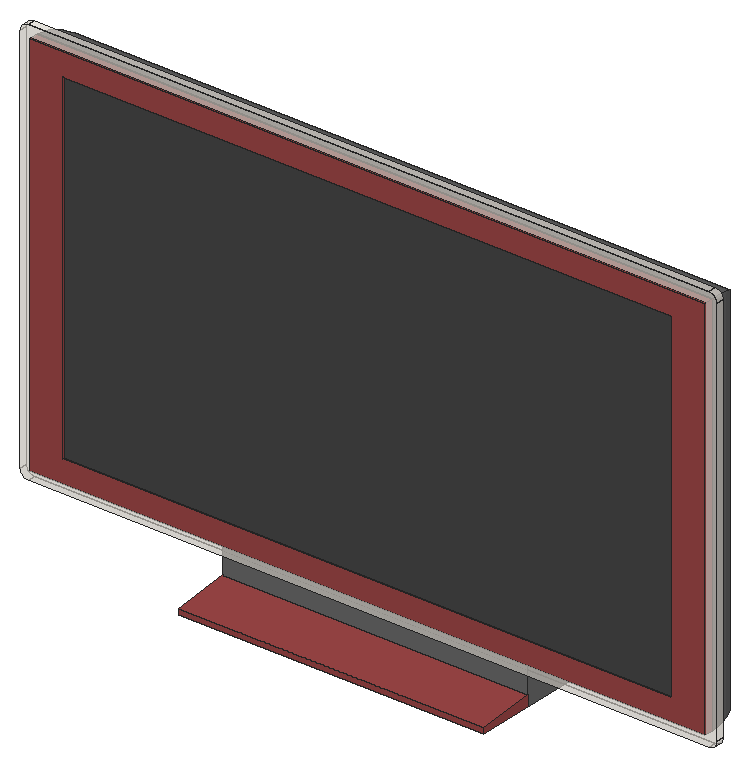
Revit family
Parameters (values of type "1270 mm")
  SinAng = (sin(29.36°) * 1 mm)  # 0.49 mm
  Pied [instance] = yes
  L = (Diagonale / 1 mm) * CosAng  # 1106.877 mm
  H = (Diagonale / 1 mm) * SinAng  # 622.675 mm
  Epaisseur = 110 mm
  Diagonale = 1270 mm
  CosAng = (cos(29.36°) * 1 mm)  # 0.872 mm
  Cadre = TV - Cadre
Types (6, lengths in mm): name | L | H | Diagonale
  (no name) | 1106.877 | 622.675 | 1270
  810 mm | 705.961 | 397.139 | 810
  940 mm | 819.263 | 460.878 | 940
  1070 mm | 932.565 | 524.616 | 1070
  1190 mm | 1037.152 | 583.452 | 1190
  1270 mm | 1106.877 | 622.675 | 1270
Reference planes
  plane 1 "Arrière": y = 58.539
  plane 2: z = 0
  plane 3 "Centre (gauche/droite)": x = -3.945
  plane 4: x = -557.383
  plane 5: x = 549.494
  plane 6: z = 120
  plane 7: z = 742.675
  plane 8: z = 431.338
  plane 9: y = -51.461
  plane 10: x = -280.664
  plane 11: x = 272.775
Forms (mm)
  Extrusion 1, solid, material "TV - Noir"
    sketch origin (0, 58.539, 0) x (1, 0, 0) y (0, 0, 1)
      loop
        line (-617.383, 782.675) -> (-617.383, 80) -> (609.494, 80) -> (609.494, 782.675) -> (-617.383, 782.675)
    from 0 to 110
  Sweep 2, void
    path in 3D
      loop
        line (609.494, -51.461, 80) -> (609.494, -51.461, 782.675) -> (-617.383, -51.461, 782.675) -> (-617.383, -51.461, 80)
    profile origin (-617.383, -51.461, 431.338) x (-1, 0, 0) y (0, -1, 0)
      loop
        arc (0, 0) -> (-32.218, -77.782) -> (-110, -110) r 110
        line (-110, -110) -> (0, -110) -> (0, 0)
  Extrusion 3, solid, material "TV - Verre"
    sketch origin (1583.302, -51.461, 1200) x (1, 0, 0) y (0, 0, 1)
      loop
        arc (-2205.685, -397.325) -> (-2216.291, -401.718) -> (-2220.685, -412.325) r 15
        line (-2220.685, -412.325) -> (-2220.685, -1125)
        arc (-2220.685, -1125) -> (-2216.291, -1135.607) -> (-2205.685, -1140) r 15
        line (-2205.685, -1140) -> (-968.808, -1140)
        arc (-968.808, -1140) -> (-958.201, -1135.607) -> (-953.808, -1125) r 15
        line (-953.808, -1125) -> (-953.808, -412.325)
        arc (-953.808, -412.325) -> (-958.201, -401.718) -> (-968.808, -397.325) r 15
        line (-968.808, -397.325) -> (-2205.685, -397.325)
      loop
        line (-2200.685, -417.325) -> (-2200.685, -1120) -> (-973.808, -1120) -> (-973.808, -417.325) -> (-2200.685, -417.325)
    from 0 to 15
  Extrusion 4, solid, material "TV - Cadre" <- "Cadre"
    sketch origin (1583.302, -51.461, 1200) x (1, 0, 0) y (0, 0, 1)
      loop
        line (-2200.685, -417.325) -> (-2200.685, -1120) -> (-973.808, -1120) -> (-973.808, -417.325) -> (-2200.685, -417.325)
    from 0 to 18
  Extrusion 5, void
    sketch origin (1583.302, -51.461, 1200) x (-1, 0, 0) y (0, 0, 1)
      loop
        line (1033.808, -457.325) -> (1033.808, -1080) -> (2140.685, -1080) -> (2140.685, -457.325) -> (1033.808, -457.325)
    from -15 to -30
  Extrusion 6, solid, material "TV - Noir", visible <- "Pied"
    sketch origin (-280.664, -1524, -186.653) x (0, 0, -1) y (0, -1, 0)
      loop
        line (-186.653, -1472.539) -> (-266.653, -1472.539) -> (-266.653, -1522.539) -> (-186.653, -1572.539) -> (-186.653, -1472.539)
    from 0 to -553.438
  Extrusion 7, solid, material "TV - Cadre", visible <- "Pied"
    sketch origin (-280.664, -1524, -186.653) x (0, 0, -1) y (0, -1, 0)
      loop
        line (-186.653, -1372.539) -> (-196.653, -1372.539) -> (-206.653, -1472.539) -> (-186.653, -1472.539) -> (-186.653, -1372.539)
    from 0 to -553.438
Cuts and joins
  Sweep 2, Extrusion 5 cuts Extrusion 1
  Extrusion 5 cuts Extrusion 3
  Extrusion 5 cuts Extrusion 4
Lines and regions (mm)
  sketch lines
    curve 1: line (-617.383, -51.461, 782.675) -> (-617.383, -51.461, 80)
    curve 2: line (609.494, -51.461, 782.675) -> (-617.383, -51.461, 782.675)
    curve 3: line (609.494, -51.461, 80) -> (609.494, -51.461, 782.675)
  model lines, detail levels medium+fine
    curve 4: line (-567.383, -69.461, 110) -> (-587.383, -69.461, 110)
    curve 5: line (-567.383, -69.461, 90) -> (-567.383, -69.461, 110)
    curve 6: line (-587.383, -69.461, 90) -> (-567.383, -69.461, 90)
    curve 7: line (-587.383, -69.461, 110) -> (-587.383, -69.461, 90)
Dimensions and locks
  equal spacing: plane 7, plane 8, plane 6
  "H": plane 7 to plane 6
  equal spacing: plane 5, plane 3 "Centre (gauche/droite)", plane 4
  "L": plane 5 to plane 4
  locked: plane 4 to Extrusion 1 sketch curve at 60
  locked: Extrusion 1 sketch curve to plane 5 at 60
  locked: Extrusion 1 sketch curve to plane 7 at 40
  locked: plane 6 to Extrusion 1 sketch curve at 40
  "Epaisseur": plane 9 to plane 1 "Arrière"
  locked: Extrusion 3 sketch curve to plane 7 at 60
  locked: plane 6 to Extrusion 3 sketch curve at 60
  locked: plane 4 to Extrusion 3 sketch curve at 80
  locked: Extrusion 3 sketch curve to plane 5 at 80
  locked: plane 4 to Extrusion 4 sketch curve at 60
  locked: Extrusion 4 sketch curve to plane 5 at 60
  locked: Extrusion 4 sketch curve to plane 7 at 40
  locked: plane 6 to Extrusion 4 sketch curve at 40
  locked: Extrusion 3 sketch curve to plane 7 at 40
  locked: plane 6 to Extrusion 3 sketch curve at 40
  locked: plane 4 to Extrusion 3 sketch curve at 60
  locked: Extrusion 3 sketch curve to plane 5 at 60
  equal spacing: plane 3 "Centre (gauche/droite)", plane 10, plane 4
  equal spacing: plane 5, plane 11, plane 3 "Centre (gauche/droite)"
  locked: Extrusion 6 sketch curve to plane 6 at 40
  locked: plane 9 to Extrusion 6 sketch curve at 100
  locked: Extrusion 7 sketch curve to plane 2 at 10
  locked: Extrusion 7 sketch curve to plane 2 at 20
  "Epaisseur": radius of Sweep 2 sketch curve
  aligned and locked: plane 9 to Extrusion 1
  aligned and locked: profile plane to Sweep 2 sketch curve
  aligned and locked: Sweep 2 sketch curve to plane 1 "Arrière"
  aligned and locked: Extrusion 5 sketch curve to plane 5
  aligned and locked: Extrusion 5 sketch curve to plane 7
  aligned and locked: plane 4 to Extrusion 5 sketch curve
  aligned and locked: Extrusion 5 sketch curve to plane 6
  aligned and locked: Extrusion 6 sketch curve to plane 9
  aligned and locked: plane 2 to Extrusion 6 sketch curve
  aligned and locked: Extrusion 6 to plane 11
  aligned and locked: Extrusion 7 to plane 11
  aligned and locked: Extrusion 7 sketch curve to plane 2
Automatic sketch dimensions
  Sweep 2 sketch curve to profile plane = 0 mm  (x3)
  Sweep 2 sketch curve to Sweep 2 sketch curve = 0 mm
  Extrusion 3 sketch curve to Extrusion 3 sketch curve = 15 mm  (x4)
  curve 6 to curve 6 = 20 mm
  curve 6 to Extrusion 4 = 10 mm
  curve 5 to curve 5 = 20 mm
  curve 4 to Extrusion 4 = 30 mm
  plane 1 "Arrière" to Extrusion 6 sketch curve = 60 mm
  Extrusion 7 sketch curve to plane 9 = 0 mm
  plane 9 to Extrusion 7 sketch curve = 100 mm
